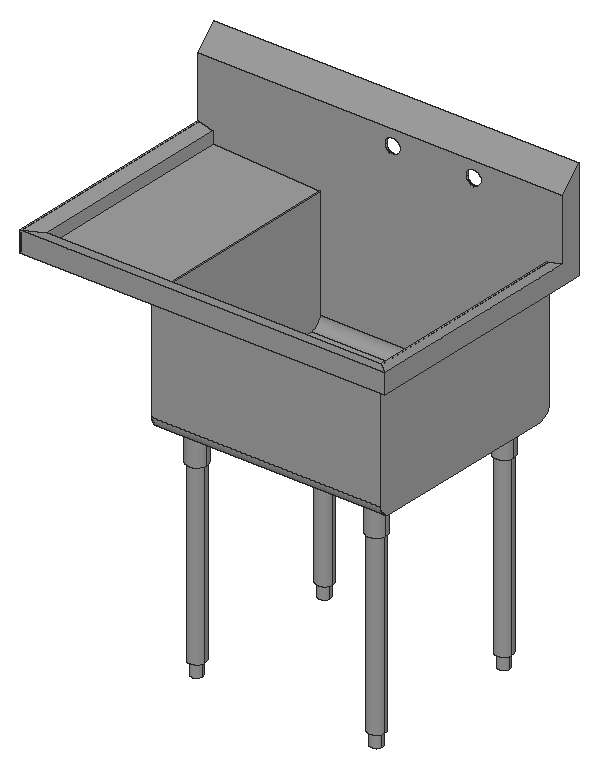
Revit family "equip-sink-elkay-Sturdibilt-S-DB-L", category Plumbing Fixtures, Revit 2019
Family settings
  Round Connector Dimension = Use Diameter
  Part Type = Normal
  Work Plane-Based = No
  Always vertical = Yes
  Cut with Voids When Loaded = No
  Shared = No
  Room Calculation Point = No
Parameters (values of type "ByType")
  Width = 2' - 0"
  URL = "http://www.elkayusa.com/cps/rde/xchg/elkay/hs.xsl/Default.aspx"
  Specification URL = "http://www.elkayusa.com/cps/rde/xbcr/elkay/04-02E_STURDIBILT_SCULLERY_SINGLE.pdf "
  Model Number = " "
  Model = "Sturdibilt"
  Manufacturer = "Elkay Manufacturer"
  Length = 3' - 0"
  Hidden Width = if(Compartment Width > 0' 11", Width, (Backsplash Width + Sink Rim Front Width + Compartment Width))  # 2' - 0"
  Sink Material = Metal - Steel - Stainless - Chrome
  Hidden Drainboard Left = if(Drainboard Left > 0' 2", Drainboard Left, 0' 2")  # 1' - 0"
  Hidden Compartment Length = Length - Drainboard Left  # 2' - 0"
  Drainboard Left = 1' - 0"
  Sink Rim Side Left Width = 0' - 1 1/2"  # constant formula
  Hidden Compartment Width = Width - Sink Rim Front Width - Backsplash Width  # 1' - 8 1/2"
  Description = "Sturdibilt Single Compartment Scullery Sinks, Left Drainboard"
  Compartment Length = if(Hidden Compartment Length > 0' 8 1/2", Hidden Compartment Length, 0' 8 1/2")  # 2' - 0"
  Hidden Length = if(Compartment Length > 0' 8 1/2", Length, (Drainboard Left + Compartment Length))  # 3' - 0"
  Sink Rim Side Right Width = 0' - 1 1/2"  # constant formula
  Sink Rim Front Width = 0' - 1 1/2"  # constant formula
  Backsplash Width = 0' - 2"  # constant formula
  Sink Drain Location = Compartment Width / 2  # 0' - 10 1/4"
  Compartment Depth = 1' - 2"
  Compartment Width = if(Hidden Compartment Width > 0' 11", Hidden Compartment Width, 0' 11")  # 1' - 8 1/2"
  Rim Height = 3' - 0"
  Hole 1 to 2 = 0' - 8"
  Hole 1 From CL = 0' - 4"
  Faucet CL from Top Backsplash = 0' - 3 1/2"
  Backsplash Height = 0' - 8"
Reference planes (in)
  plane 1 "CL Sink Hole": y = 0
  plane 2 "Bottom": z = 0
  plane 3 "Compartment Center": x = 0
  plane 4 "Basin Edge Left": x = -11.25
  plane 5 "Basin Edge Right": x = 11.25
  plane 6 "Basin Edge Back": y = 10.25
  plane 7 "Basin Edge Front": y = -10.25
  plane 8 "Left": x = -23.25
  plane 9 "Right": x = 12.75
  plane 10 "Back": y = 12.25
  plane 11 "Front": y = -11.75
  plane 12 "Sink Bowl Bottom (Top Face)": z = 22
  plane 13 "Sink Bowl Bottom (Bottom Face)": z = 21.875
  plane 14 "Sink Bottom Piece Back Edge": y = 9.25
  plane 15 "Sink Bottom Piece Front Edge": y = -9.25
  plane 16 "Center (Front/Back)": y = 0
  plane 17 "Sink Rim Top": z = 36
  plane 18 "Sink Bowl Bottom Radius Top Tangent": z = 23
  plane 19 "Sink Rim Inside Lower Edge": z = 35.59808
  plane 20: z = 44
  plane 21 "Backsplash Angle": z = 42
  plane 22 "Backsplash Side Piece Front": y = 10.375
  plane 23 "Backsplash Side Piece Top": z = 43.82322
  plane 24 "Backsplash Side Piece Angle": z = 41.94822
  plane 25 "Backsplash Side Piece Bottom": z = 34
  plane 26 "Backsplash Side Right Piece Inside Edge": x = 12.6875
  plane 27 "Backsplash Side Left Piece Inside Edge": x = -23.1875
  plane 28 "Basin Edge Right Outside Face": x = 11.3125
  plane 29 "Basin Edge Left Outside Face": x = -11.3125
  plane 30 "Faucet Hole CL Elev": z = 40.5
  plane 31 "CL Faucet Hole Left": x = -4
  plane 32 "CL Faucet Hole Right": x = 4
  plane 33 "Leg Left CL": x = -8.875
  plane 34 "Leg Front CL": y = -7.875
  plane 35: z = 18.825
  plane 36: z = 1.3125
  plane 37 "Leg Right CL": x = 8.875
  plane 38 "Leg Back CL": y = 7.875
  plane 39 "Drainboard Lower Top Face": z = 34
  plane 40 "Drainboard Upper Top Face": z = 34.5
  plane 41: x = -21.75
  plane 42 "Center (Left/Right)": x = -5.25
  plane 43 "Basin Edge Back Outside": y = 10.375
  plane 44 "Basin Edge Front Outside": y = -10.375
Forms (in)
  Sweep 1, solid, material "Metal - Steel - Stainless - Chrome" <- "Sink Material"
    path origin (0, 0, 36) x (0, -1, 0) y (1, 0, 0)
      loop
        line (-10.25, 12.75) -> (11.75, 12.75) -> (11.75, -11.25)
    profile "profile-weldbilt-rim : profile-weldbilt-rim" origin (0.75, -11.75, 36) x (0, -1, 0) y (0, 0, 1)
      loop
        line (-1.5, -0.40192) -> (-1.41389, -0.45164) -> (-0.07031, -0.09163) -> (-0.07031, -1.94605) -> (-0.42259, -2.04044) -> (-0.42259, -2.11323) -> (0, -2) -> (0, 0) -> (-1.5, -0.40192)
  Extrusion 2, solid, material "Metal - Steel - Stainless - Chrome" <- "Sink Material"
    sketch origin (0, 0, 0) x (0, 1, 0) y (0, 0, 1)
      loop
        line (-10.375, 35.59808) -> (-10.375, 23)
        arc (-10.375, 23) -> (-10.0455, 22.2045) -> (-9.25, 21.875) r 1.125
        line (-9.25, 21.875) -> (9.25, 21.875)
        arc (9.25, 21.875) -> (10.0455, 22.2045) -> (10.375, 23) r 1.125
        line (10.375, 23) -> (10.375, 34) -> (10.25, 34) -> (10.25, 23)
        arc (10.25, 23) -> (9.95711, 22.29289) -> (9.25, 22) r 1
        line (9.25, 22) -> (-9.25, 22)
        arc (-9.25, 22) -> (-9.95711, 22.29289) -> (-10.25, 23) r 1
        line (-10.25, 23) -> (-10.25, 35.59808) -> (-10.375, 35.59808)
    from -11.25 to 11.25
  Extrusion 3, solid, material "Metal - Steel - Stainless - Chrome" <- "Sink Material"
    sketch origin (0, 0, 0) x (0, 1, 0) y (0, 0, 1)
      loop
        line (10.25, 42) -> (10.25, 34) -> (10.375, 34) -> (10.375, 41.94822) -> (12.25, 43.82322) -> (12.25, 44) -> (10.25, 42)
    from -23.25 to 12.75
  Extrusion 4, solid, material "Metal - Steel - Stainless - Chrome" <- "Sink Material"
    sketch origin (12.75, 0, 0) x (0, 1, 0) y (0, 0, 1)
      loop
        line (12.25, 43.82322) -> (10.375, 41.94822) -> (10.375, 34) -> (12.25, 34) -> (12.25, 43.82322)
    from -0.0625 to 0
  Extrusion 5, solid, material "Metal - Steel - Stainless - Chrome" <- "Sink Material"
    sketch origin (-18, 0, 0) x (0, 1, 0) y (0, 0, 1)
      loop
        line (12.25, 43.82322) -> (10.375, 41.94822) -> (10.375, 34) -> (12.25, 34) -> (12.25, 43.82322)
    from -5.25 to -5.1875
  Extrusion 6, solid, material "Metal - Steel - Stainless - Chrome" <- "Sink Material"
    sketch origin (11.25, 0, 0) x (0, 1, 0) y (0, 0, 1)
      loop
        line (-10.375, 35.59808) -> (-10.375, 23)
        arc (-10.375, 23) -> (-10.0455, 22.2045) -> (-9.25, 21.875) r 1.125
        line (-9.25, 21.875) -> (9.25, 21.875)
        arc (9.25, 21.875) -> (10.0455, 22.2045) -> (10.375, 23) r 1.125
        line (10.375, 23) -> (10.375, 35.59808) -> (-10.375, 35.59808)
    from 0 to 0.0625
  Extrusion 7, solid, material "Metal - Steel - Stainless - Chrome" <- "Sink Material"
    sketch origin (-11.25, 0, 0) x (0, 1, 0) y (0, 0, 1)
      loop
        line (10.375, 34) -> (-10.375, 34) -> (-10.375, 23)
        arc (-10.375, 23) -> (-10.0455, 22.2045) -> (-9.25, 21.875) r 1.125
        line (-9.25, 21.875) -> (9.25, 21.875)
        arc (9.25, 21.875) -> (10.0455, 22.2045) -> (10.375, 23) r 1.125
        line (10.375, 23) -> (10.375, 34)
    from -0.0625 to 0
  Extrusion 8, void
    sketch origin (0, 0, 0) x (1, 0, 0) y (0, 0, 1)
      loop
        circle (-4, 40.5) r 0.75
    from -10.375 to -10.25
  Extrusion 9, void
    sketch origin (0, 0, 0) x (1, 0, 0) y (0, 0, 1)
      loop
        circle (4, 40.5) r 0.75
    from -10.375 to -10.25
  Extrusion 10, void
    sketch origin (-45.27944, 78.60934, 0) x (1, 0, 0) y (0, 1, 0)
      loop
        circle (45.27944, -78.60934) r 2.375
    from 21.875 to 22
  Revolve 11, solid, material "Metal - Steel - Stainless - Chrome" <- "Sink Material"
    sketch origin (0, -7.875, 0) x (-1, 0, 0) y (0, 0, 1)
      loop
        line (9.6875, 18.825) -> (9.845, 18.825) -> (9.845, 21.875) -> (8.875, 21.875) -> (8.875, 0) -> (9.4375, 0) -> (9.4375, 1.3125) -> (9.6875, 1.3125) -> (9.6875, 18.825)
      axis (8.875, 21.875) -> (8.875, 0)
    angle from 0 to 360
  Revolve 12, solid, material "Metal - Steel - Stainless - Chrome" <- "Sink Material"
    sketch origin (0, -7.875, 0) x (-1, 0, 0) y (0, 0, 1)
      loop
        line (-9.6875, 18.825) -> (-9.6875, 1.3125) -> (-9.4375, 1.3125) -> (-9.4375, 0) -> (-8.875, 0) -> (-8.875, 21.875) -> (-9.845, 21.875) -> (-9.845, 18.825) -> (-9.6875, 18.825)
      axis (-8.875, 21.875) -> (-8.875, 0)
    angle from 0 to 360
  Revolve 13, solid, material "Metal - Steel - Stainless - Chrome" <- "Sink Material"
    sketch origin (0, 7.875, 0) x (-1, 0, 0) y (0, 0, 1)
      loop
        line (-9.6875, 18.825) -> (-9.6875, 1.3125) -> (-9.4375, 1.3125) -> (-9.4375, 0) -> (-8.875, 0) -> (-8.875, 21.875) -> (-9.845, 21.875) -> (-9.845, 18.825) -> (-9.6875, 18.825)
      axis (-8.875, 21.875) -> (-8.875, 0)
    angle from 0 to 360
  Revolve 14, solid, material "Metal - Steel - Stainless - Chrome" <- "Sink Material"
    sketch origin (0, 7.875, 0) x (-1, 0, 0) y (0, 0, 1)
      loop
        line (8.0625, 18.825) -> (8.0625, 1.3125) -> (8.3125, 1.3125) -> (8.3125, 0) -> (8.875, 0) -> (8.875, 21.875) -> (7.905, 21.875) -> (7.905, 18.825) -> (8.0625, 18.825)
      axis (8.875, 21.875) -> (8.875, 0)
    angle from 0 to 360
  Sweep 15, solid, material "Metal - Steel - Stainless - Chrome" <- "Sink Material"
    path origin (0, 0, 22) x (-1, 0, 0) y (0, -1, 0)
      loop
        circle (0, 0) r 2.375
    profile "profile-elkay-sink-hole-1 : profile-elkay-sink-hole-1" origin (0, -2.375, 22) x (0, 1, 0) y (0, 0, 1)
      loop
        arc (0.10775, -0.05529) -> (0.06053, -0.01467) -> (0, 0) r 0.133
        line (0, 0) -> (0, -0.07422)
        arc (0, -0.07422) -> (0.0267, -0.08072) -> (0.04752, -0.09865) r 0.05878
        line (0.04752, -0.09865) -> (0.12152, -0.20143) -> (0.5715, -0.40832) -> (0.5715, -0.32577) -> (0.16939, -0.14089) -> (0.10775, -0.05529)
  Extrusion 16, solid, material "Metal - Steel - Stainless - Chrome" <- "Sink Material"
    sketch origin (0, 0, 0) x (1, 0, 0) y (0, 0, 1)
      loop
        line (-21.75, 34.5) -> (-21.75, 34.4257) -> (-11.25, 33.9257) -> (-11.25, 34) -> (-21.75, 34.5)
    from -10.25 to 10.25
  Sweep 17, solid, material "Metal - Steel - Stainless - Chrome" <- "Sink Material"
    path origin (0, 0, 36) x (0, -1, 0) y (1, 0, 0)
      loop
        line (-10.25, -23.25) -> (11.75, -23.25) -> (11.75, -11.25)
    profile "profile-weldbilt-rim-db : profile-weldbilt-rim-db" origin (-23.25, -0.75, 36) x (1, 0, 0) y (0, 0, 1)
      loop
        line (1.5, -0.40192) -> (0, 0) -> (0, -2) -> (0.42259, -2.11323) -> (0.42259, -2.04044) -> (0.07031, -1.94605) -> (0.07031, -0.09163) -> (1.4375, -0.45797) -> (1.4375, -2) -> (1.5, -2) -> (1.5, -0.40192)
Cuts and joins
  Extrusion 10 cuts Extrusion 2
  Extrusion 8, Extrusion 9 cuts Extrusion 3
  Extrusion 10 cuts Extrusion 6
  joined: Sweep 1, Extrusion 2, Extrusion 3, Extrusion 4, Extrusion 5, Extrusion 6, Extrusion 7, Sweep 17
Lines and regions (in)
  Masking region 1
    outline origin (0, 0, 0) x (1, 0, 0) y (0, 1, 0)
      loop
        line (-23.25, 12.25) -> (-23.25, -11.75) -> (12.75, -11.75) -> (12.75, 12.25) -> (-23.25, 12.25)
  reference lines
    curve 1: arc (0, -9.25, 22) -> (0, -9.95711, 22.29289) -> (0, -10.25, 23) r 1
    curve 2: arc (0, 10.25, 23) -> (0, 9.95711, 22.29289) -> (0, 9.25, 22) r 1
    curve 3: line (-8.875, -7.875, 21.875) -> (-8.875, -7.875, 0)
    curve 4: line (8.875, -7.875, 22) -> (8.875, -7.875, 0)
    curve 5: line (8.875, 7.875, 21.875) -> (8.875, 7.875, 0)
    curve 6: line (-8.875, 7.875, 21.875) -> (-8.875, 7.875, 0)
    curve 15: line (-11.25, 0, 34) -> (-21.75, 0, 34.5)
    curve 16: line (-11.25165, 0, 33.92578) -> (-21.75165, 0, 34.42578)
    curve 18: arc (0, -9.25, 21.875) -> (0, -10.0455, 22.2045) -> (0, -10.375, 23) r 1.125
    curve 19: arc (0, 10.375, 23) -> (0, 10.0455, 22.2045) -> (0, 9.25, 21.875) r 1.125
  symbolic lines
    curve 7: line (-23.25, 10.25, 0) -> (12.75, 10.25, 0)
    curve 8: line (-11.25, -10.25, 0) -> (-11.25, 10.25, 0)
    curve 9: line (11.25, -10.25, 0) -> (-21.75, -10.25, 0)
    curve 10: line (11.25, 10.25, 0) -> (11.25, -10.25, 0)
    curve 11: circle (0, 0, 0) r 2.375 normal (0, 0, 1)
    curve 12: line (-21.75, -10.25, 0) -> (-23.25, -11.75, 0)
    curve 13: line (12.75, -11.75, 0) -> (11.25, -10.25, 0)
    curve 14: circle (0, 0, 0) r 1.75 normal (0, 0, 1)
    curve 17: line (-21.75, 10.25, 0) -> (-21.75, -10.25, 0)
Dimensions and locks (in)
  equal spacing: plane 4 "Basin Edge Left", plane 3 "Compartment Center", plane 5 "Basin Edge Right"
  "Hidden Drainboard Left": plane 8 "Left" to plane 4 "Basin Edge Left"
  "Sink Rim Side Right Width": plane 5 "Basin Edge Right" to plane 9 "Right"
  "Hidden Length": plane 8 "Left" to plane 9 "Right"
  "Sink Drain Location": plane 6 "Basin Edge Back" to plane 1 "CL Sink Hole"
  "Backsplash Width": plane 10 "Back" to plane 6 "Basin Edge Back"
  "Sink Rim Front Width": plane 7 "Basin Edge Front" to plane 11 "Front"
  "Hidden Width": plane 10 "Back" to plane 11 "Front"
  locked: plane 15 "Sink Bottom Piece Front Edge" to plane 7 "Basin Edge Front" at 1
  locked: plane 6 "Basin Edge Back" to plane 14 "Sink Bottom Piece Back Edge" at 1
  plane 6 "Basin Edge Back" to plane 7 "Basin Edge Front" = 1' - 8 1/2"
  equal spacing: plane 6 "Basin Edge Back", plane 16 "Center (Front/Back)", plane 7 "Basin Edge Front"
  "Compartment Depth": plane 17 "Sink Rim Top" to plane 12 "Sink Bowl Bottom (Top Face)"
  "Rim Height": plane 17 "Sink Rim Top" to plane 2 "Bottom"
  locked: plane 18 "Sink Bowl Bottom Radius Top Tangent" to plane 12 "Sink Bowl Bottom (Top Face)" at 1
  locked: plane 17 "Sink Rim Top" to plane 19 "Sink Rim Inside Lower Edge" at 0.40192
  "Backsplash Height": plane 20 to plane 17 "Sink Rim Top"
  locked: plane 20 to plane 21 "Backsplash Angle" at 2
  locked: plane 20 to plane 23 "Backsplash Side Piece Top" at 0.17678
  locked: plane 6 "Basin Edge Back" to plane 22 "Backsplash Side Piece Front" at 0.125
  locked: plane 21 "Backsplash Angle" to plane 24 "Backsplash Side Piece Angle" at 0.05178
  locked: plane 26 "Backsplash Side Right Piece Inside Edge" to plane 9 "Right" at 0.0625
  locked: plane 8 "Left" to plane 27 "Backsplash Side Left Piece Inside Edge" at 0.0625
  locked: plane 5 "Basin Edge Right" to plane 28 "Basin Edge Right Outside Face" at 0.0625
  plane 29 "Basin Edge Left Outside Face" to plane 4 "Basin Edge Left" = 0' - 0 1/16"
  locked: plane 17 "Sink Rim Top" to plane 25 "Backsplash Side Piece Bottom" at 2
  locked: plane 34 "Leg Front CL" to plane 7 "Basin Edge Front" at 2.375
  locked: plane 4 "Basin Edge Left" to plane 33 "Leg Left CL" at 2.375
  "Hole 1 From CL": plane 31 "CL Faucet Hole Left" to plane 3 "Compartment Center"
  "Hole 1 to 2": plane 31 "CL Faucet Hole Left" to plane 32 "CL Faucet Hole Right"
  locked: plane 12 "Sink Bowl Bottom (Top Face)" to plane 13 "Sink Bowl Bottom (Bottom Face)" at 0.125
  locked: plane 12 "Sink Bowl Bottom (Top Face)" to plane 35 at 3.175
  locked: plane 36 to plane 2 "Bottom" at 1.3125
  "Faucet CL from Top Backsplash": plane 20 to plane 30 "Faucet Hole CL Elev"
  locked: plane 37 "Leg Right CL" to plane 5 "Basin Edge Right" at 2.375
  locked: plane 6 "Basin Edge Back" to plane 38 "Leg Back CL" at 2.375
  locked: plane 17 "Sink Rim Top" to plane 40 "Drainboard Upper Top Face" at 1.5
  locked: plane 17 "Sink Rim Top" to plane 39 "Drainboard Lower Top Face" at 2
  "Sink Rim Side Left Width": plane 8 "Left" to plane 41
  equal spacing: plane 8 "Left", plane 42 "Center (Left/Right)", plane 9 "Right"
  locked: plane 6 "Basin Edge Back" to plane 43 "Basin Edge Back Outside" at 0.125
  locked: plane 44 "Basin Edge Front Outside" to plane 7 "Basin Edge Front" at 0.125
  locked: plane 10 "Back" to nested 1 at 1
  locked: nested 1 to plane 9 "Right" at 4
  aligned and locked: Extrusion 2 sketch curve to plane 6 "Basin Edge Back"
  aligned and locked: Extrusion 2 sketch curve to curve 2
  aligned and locked: Extrusion 2 sketch curve to curve 1
  aligned and locked: plane 5 "Basin Edge Right" to Extrusion 2
  aligned and locked: Extrusion 2 to plane 4 "Basin Edge Left"
  aligned and locked: Extrusion 2 sketch curve to plane 19 "Sink Rim Inside Lower Edge"
  aligned and locked: Extrusion 3 sketch curve to plane 10 "Back"
  aligned and locked: Extrusion 3 sketch curve to plane 6 "Basin Edge Back"
  aligned and locked: plane 9 "Right" to Extrusion 3
  aligned and locked: Extrusion 3 to plane 8 "Left"
  aligned and locked: plane 10 "Back" to Extrusion 4 sketch curve
  aligned and locked: Extrusion 4 sketch curve to plane 25 "Backsplash Side Piece Bottom"
  aligned and locked: Extrusion 4 sketch curve to plane 22 "Backsplash Side Piece Front"
  aligned and locked: Extrusion 4 to plane 26 "Backsplash Side Right Piece Inside Edge"
  aligned and locked: plane 9 "Right" to Extrusion 4
  aligned and locked: Extrusion 5 sketch curve to plane 10 "Back"
  aligned and locked: plane 22 "Backsplash Side Piece Front" to Extrusion 5 sketch curve
  aligned and locked: plane 25 "Backsplash Side Piece Bottom" to Extrusion 5 sketch curve
  aligned and locked: plane 27 "Backsplash Side Left Piece Inside Edge" to Extrusion 5
  aligned and locked: Extrusion 5 to plane 8 "Left"
  aligned and locked: Extrusion 6 to plane 5 "Basin Edge Right"
  aligned and locked: plane 28 "Basin Edge Right Outside Face" to Extrusion 6
  aligned and locked: Extrusion 7 to plane 29 "Basin Edge Left Outside Face"
  aligned and locked: plane 4 "Basin Edge Left" to Extrusion 7
  aligned and locked: plane 22 "Backsplash Side Piece Front" to Extrusion 9
  aligned and locked: Extrusion 9 to plane 6 "Basin Edge Back"
  aligned and locked: plane 22 "Backsplash Side Piece Front" to Extrusion 8
  aligned: Extrusion 8 to plane 14 "Sink Bottom Piece Back Edge"
  aligned and locked: Extrusion 8 to plane 6 "Basin Edge Back"
  aligned and locked: plane 12 "Sink Bowl Bottom (Top Face)" to Extrusion 10
  aligned and locked: Extrusion 10 to plane 13 "Sink Bowl Bottom (Bottom Face)"
  aligned and locked: Revolve 11 sketch curve to plane 13 "Sink Bowl Bottom (Bottom Face)"
  aligned and locked: Revolve 11 sketch curve to curve 3
  aligned and locked: curve 4 to plane 37 "Leg Right CL"
  aligned and locked: plane 12 "Sink Bowl Bottom (Top Face)" to curve 4
  aligned and locked: plane 2 "Bottom" to curve 4
  aligned and locked: Revolve 12 sketch curve to plane 36
  aligned and locked: Revolve 12 sketch curve to plane 35
  aligned and locked: plane 2 "Bottom" to Revolve 12 sketch curve  (x3)
  aligned and locked: plane 13 "Sink Bowl Bottom (Bottom Face)" to Revolve 12 sketch curve  (x2)
  aligned and locked: curve 4 to Revolve 12 sketch curve  (x2)
  aligned and locked: Revolve 13 sketch curve to plane 2 "Bottom"
  aligned and locked: plane 36 to Revolve 13 sketch curve
  aligned and locked: plane 35 to Revolve 13 sketch curve
  aligned and locked: Revolve 13 sketch curve to plane 13 "Sink Bowl Bottom (Bottom Face)"
  aligned and locked: plane 37 "Leg Right CL" to Revolve 13 sketch curve
  aligned and locked: Revolve 13 sketch curve to curve 5
  aligned and locked: Revolve 14 sketch curve to plane 2 "Bottom"
  aligned and locked: plane 36 to Revolve 14 sketch curve
  aligned and locked: plane 35 to Revolve 14 sketch curve
  aligned and locked: Revolve 14 sketch curve to plane 13 "Sink Bowl Bottom (Bottom Face)"
  aligned and locked: plane 33 "Leg Left CL" to Revolve 14 sketch curve
  aligned and locked: plane 2 "Bottom" to Revolve 14 sketch curve
  aligned and locked: Revolve 14 sketch curve to plane 33 "Leg Left CL"
  aligned and locked: Masking region 1 sketch curve to plane 10 "Back"
  aligned and locked: plane 8 "Left" to Masking region 1 sketch curve
  aligned and locked: Masking region 1 sketch curve to plane 9 "Right"
  aligned and locked: plane 11 "Front" to Masking region 1 sketch curve
  aligned and locked: plane 7 "Basin Edge Front" to curve 9
  aligned and locked: plane 4 "Basin Edge Left" to curve 8
  aligned and locked: curve 7 to plane 6 "Basin Edge Back"
  aligned and locked: plane 8 "Left" to curve 7
  aligned and locked: plane 9 "Right" to curve 7
  aligned and locked: Extrusion 2 sketch curve to plane 39 "Drainboard Lower Top Face"
  aligned and locked: Extrusion 3 sketch curve to plane 39 "Drainboard Lower Top Face"
  aligned and locked: Extrusion 7 sketch curve to plane 39 "Drainboard Lower Top Face"
  aligned and locked: plane 41 to Extrusion 16 sketch curve
  aligned and locked: Extrusion 16 sketch curve to plane 4 "Basin Edge Left"
  aligned and locked: Extrusion 16 sketch curve to curve 15
  aligned and locked: Extrusion 16 sketch curve to curve 16
  aligned and locked: plane 6 "Basin Edge Back" to Extrusion 16
  aligned and locked: Extrusion 16 to plane 7 "Basin Edge Front"
  aligned and locked: plane 4 "Basin Edge Left" to Sweep 1 sketch curve
  aligned and locked: Sweep 17 sketch curve to plane 11 "Front"
  aligned and locked: Sweep 17 sketch curve to plane 8 "Left"
  aligned and locked: plane 6 "Basin Edge Back" to Sweep 17 sketch curve
  aligned and locked: plane 4 "Basin Edge Left" to Sweep 17 sketch curve
  aligned and locked: Sweep 1 sketch curve to plane 9 "Right"
  aligned and locked: plane 11 "Front" to Sweep 1 sketch curve
  aligned and locked: plane 6 "Basin Edge Back" to Sweep 1 sketch curve
  aligned and locked: Extrusion 6 sketch curve to plane 19 "Sink Rim Inside Lower Edge"
  aligned and locked: Extrusion 7 sketch curve to plane 44 "Basin Edge Front Outside"
  aligned and locked: Extrusion 7 sketch curve to plane 43 "Basin Edge Back Outside"
  aligned and locked: Extrusion 7 sketch curve to curve 18
  aligned and locked: Extrusion 7 sketch curve to curve 19
  aligned and locked: Extrusion 6 sketch curve to plane 44 "Basin Edge Front Outside"
  aligned and locked: Extrusion 6 sketch curve to plane 43 "Basin Edge Back Outside"
  aligned and locked: Extrusion 6 sketch curve to curve 19
  aligned and locked: Extrusion 6 sketch curve to curve 18
Automatic sketch dimensions
  Extrusion 2 sketch curve to Extrusion 2 sketch curve = 0' - 0"  (x4)
  Extrusion 2 sketch curve to plane 22 "Backsplash Side Piece Front" = 0' - 0"
  Extrusion 3 sketch curve to plane 22 "Backsplash Side Piece Front" = 0' - 0"
  Extrusion 3 sketch curve to plane 24 "Backsplash Side Piece Angle" = 0' - 0"
  Extrusion 3 sketch curve to plane 21 "Backsplash Angle" = 0' - 0"
  Extrusion 3 sketch curve to plane 23 "Backsplash Side Piece Top" = 0' - 0"
  Extrusion 3 sketch curve to plane 20 = 0' - 0"
  Extrusion 4 sketch curve to plane 24 "Backsplash Side Piece Angle" = 0' - 0"
  Extrusion 4 sketch curve to plane 23 "Backsplash Side Piece Top" = 0' - 0"
  Extrusion 5 sketch curve to plane 24 "Backsplash Side Piece Angle" = 0' - 0"
  Extrusion 5 sketch curve to plane 23 "Backsplash Side Piece Top" = 0' - 0"
  Extrusion 8 sketch curve to plane 30 "Faucet Hole CL Elev" = 0' - 0"
  Extrusion 8 sketch curve to plane 31 "CL Faucet Hole Left" = 0' - 0"
  Extrusion 9 sketch curve to plane 30 "Faucet Hole CL Elev" = 0' - 0"
  Extrusion 9 sketch curve to plane 32 "CL Faucet Hole Right" = 0' - 0"
  Extrusion 10 sketch curve to plane 1 "CL Sink Hole" = 0' - 0"
  plane 3 "Compartment Center" to Extrusion 10 sketch curve = 0' - 0"
  curve 3 to level = 0' - 0"
  curve 3 to plane 33 "Leg Left CL" = 0' - 0"
  curve 3 to plane 13 "Sink Bowl Bottom (Bottom Face)" = 0' - 0"
  Revolve 11 sketch curve to plane 33 "Leg Left CL" = 0' - 0"
  Revolve 11 sketch curve to level = 0' - 0"  (x2)
  Revolve 11 sketch curve to plane 36 = 0' - 0"
  Revolve 11 sketch curve to plane 35 = 0' - 0"
  Revolve 11 sketch curve to plane 13 "Sink Bowl Bottom (Bottom Face)" = 0' - 0"
  Revolve 11 sketch curve to Revolve 11 sketch curve = 0' - 0 9/16"
  Revolve 11 sketch curve to Revolve 11 sketch curve = 0' - 0 1/4"
  Revolve 11 sketch curve to Revolve 11 sketch curve = 0' - 0.1575"
  plane 37 "Leg Right CL" to Revolve 12 sketch curve = 0' - 0 9/16"
  plane 37 "Leg Right CL" to Revolve 12 sketch curve = 0' - 0 13/16"
  Revolve 12 sketch curve to Revolve 12 sketch curve = 0' - 0.1575"
  curve 5 to level = 0' - 0"
  curve 5 to plane 37 "Leg Right CL" = 0' - 0"
  curve 5 to plane 13 "Sink Bowl Bottom (Bottom Face)" = 0' - 0"
  Revolve 13 sketch curve to level = 0' - 0"
  Revolve 13 sketch curve to plane 13 "Sink Bowl Bottom (Bottom Face)" = 0' - 0"
  plane 37 "Leg Right CL" to Revolve 13 sketch curve = 0' - 0 9/16"
  Revolve 13 sketch curve to Revolve 13 sketch curve = 0' - 0 1/4"
  Revolve 13 sketch curve to Revolve 13 sketch curve = 0' - 0.97"
  Revolve 14 sketch curve to plane 13 "Sink Bowl Bottom (Bottom Face)" = 0' - 0"
  plane 33 "Leg Left CL" to Revolve 14 sketch curve = 0' - 0 9/16"
  Revolve 14 sketch curve to Revolve 14 sketch curve = 0' - 0 1/4"
  Revolve 14 sketch curve to Revolve 14 sketch curve = 0' - 0.97"
  curve 6 to level = 0' - 0"
  curve 6 to plane 33 "Leg Left CL" = 0' - 0"
  curve 6 to plane 13 "Sink Bowl Bottom (Bottom Face)" = 0' - 0"
  plane 1 "CL Sink Hole" to Sweep 15 sketch curve = 0' - 0"
  Sweep 15 sketch curve to plane 3 "Compartment Center" = 0' - 0"
  curve 15 to plane 4 "Basin Edge Left" = 0' - 0"
  curve 15 to plane 40 "Drainboard Upper Top Face" = 0' - 0"
  curve 15 to plane 41 = 0' - 0"
  curve 15 to plane 25 "Backsplash Side Piece Bottom" = 0' - 0"
  curve 16 to plane 4 "Basin Edge Left" = 0' - 0.00165"
  curve 16 to plane 41 = 0' - 0.00165"
  curve 11 to curve 14 = 0' - 0"  (x2)
  curve 12 to plane 8 "Left" = 0' - 0"
  curve 17 to plane 41 = 0' - 0"
  plane 1 "CL Sink Hole" to curve 14 = 0' - 0"
  curve 14 to plane 3 "Compartment Center" = 0' - 0"
  curve 10 to plane 5 "Basin Edge Right" = 0' - 0"
  curve 13 to plane 9 "Right" = 0' - 0"
  curve 13 to plane 11 "Front" = 0' - 0"
  curve 12 to plane 11 "Front" = 0' - 0"
  curve 9 to plane 26 "Backsplash Side Right Piece Inside Edge" = 0' - 1 7/16"
  curve 1 to curve 18 = 0' - 0"  (x2)
  curve 2 to curve 19 = 0' - 0"  (x2)
  curve 18 to plane 18 "Sink Bowl Bottom Radius Top Tangent" = 0' - 0"
  curve 18 to plane 44 "Basin Edge Front Outside" = 0' - 0"
  curve 1 to plane 7 "Basin Edge Front" = 0' - 0"
  curve 1 to plane 12 "Sink Bowl Bottom (Top Face)" = 0' - 0"
  curve 19 to plane 13 "Sink Bowl Bottom (Bottom Face)" = 0' - 0"
  curve 19 to plane 14 "Sink Bottom Piece Back Edge" = 0' - 0"
  curve 2 to plane 6 "Basin Edge Back" = 0' - 0"
  curve 19 to plane 18 "Sink Bowl Bottom Radius Top Tangent" = 0' - 0"
  curve 16 to plane 25 "Backsplash Side Piece Bottom" = 0' - 0 19/256"
  curve 16 to plane 40 "Drainboard Upper Top Face" = 0' - 0 19/256"
  radius of Extrusion 8 sketch curve = 0' - 0 3/4"
  radius of Extrusion 9 sketch curve = 0' - 0 3/4"
  radius of Extrusion 10 sketch curve = 0' - 2 3/8"
  radius of Sweep 15 sketch curve = 0' - 2 3/8"
  radius of curve 11 = 0' - 2 3/8"
  radius of curve 14 = 0' - 1 3/4"
Nested families (in)
  nested 1: "logo-elkay-detail" at (8.75, 11.25, 0), type "logo-elkay-detail"
Definition of nested family "logo-elkay-detail"
  Reference planes (in)
    plane 1 "Center (Front/Back)": y = 0
    plane 2: z = 0
    plane 3 "Center (Left/Right)": x = 0
  Lines and regions (in)
    detail lines, in view "Ref. Level"
      curve 1: line (-1.81545, 0.37736, 0) -> (-2.86608, 0.37736, 0)
      curve 2: line (-2.86608, 0.37736, 0) -> (-2.99916, -0.37736, 0)
      curve 3: line (-2.99916, -0.37736, 0) -> (-1.89769, -0.37736, 0)
      curve 4: line (-1.89769, -0.37736, 0) -> (-1.87836, -0.26772, 0)
      curve 5: line (-1.87836, -0.26772, 0) -> (-2.75664, -0.26772, 0)
      curve 6: line (-2.75664, -0.26772, 0) -> (-2.71915, -0.05507, 0)
      curve 7: line (-2.71915, -0.05507, 0) -> (-1.94254, -0.05507, 0)
      curve 8: line (-1.94254, -0.05507, 0) -> (-1.92312, 0.05507, 0)
      curve 9: line (-1.92312, 0.05507, 0) -> (-2.71407, 0.05507, 0)
      curve 10: line (-2.71407, 0.05507, 0) -> (-2.67657, 0.26772, 0)
      curve 11: line (-2.67657, 0.26772, 0) -> (-1.83479, 0.26772, 0)
      curve 12: line (-1.83479, 0.26772, 0) -> (-1.81545, 0.37736, 0)
      curve 13: line (-1.55864, -0.26772, 0) -> (-1.44489, 0.37736, 0)
      curve 14: line (-1.44489, 0.37736, 0) -> (-1.65384, 0.37736, 0)
      curve 15: line (-1.65384, 0.37736, 0) -> (-1.78692, -0.37736, 0)
      curve 16: line (-1.78692, -0.37736, 0) -> (-0.81843, -0.37736, 0)
      curve 17: line (-0.81843, -0.37736, 0) -> (-0.7991, -0.26772, 0)
      curve 18: line (-0.7991, -0.26772, 0) -> (-1.55864, -0.26772, 0)
      curve 19: line (-0.70839, -0.37736, 0) -> (-0.57531, 0.37736, 0)
      curve 20: line (-0.57531, 0.37736, 0) -> (-0.36636, 0.37736, 0)
      curve 21: line (-0.36636, 0.37736, 0) -> (-0.44053, -0.04327, 0)
      curve 22: line (-0.44053, -0.04327, 0) -> (0.30095, 0.37736, 0)
      curve 23: line (0.30095, 0.37736, 0) -> (0.59826, 0.37736, 0)
      curve 24: line (0.59826, 0.37736, 0) -> (0.025, 0.05216, 0)
      curve 25: line (0.025, 0.05216, 0) -> (0.49251, -0.37736, 0)
      curve 26: line (0.49251, -0.37736, 0) -> (0.1672, -0.37736, 0)
      curve 27: line (0.1672, -0.37736, 0) -> (-0.17613, -0.06193, 0)
      curve 28: line (-0.17613, -0.06193, 0) -> (-0.47357, -0.23067, 0)
      curve 29: line (-0.47357, -0.23067, 0) -> (-0.49944, -0.37736, 0)
      curve 30: line (-0.49944, -0.37736, 0) -> (-0.70839, -0.37736, 0)
      curve 31: line (1.55597, -0.12503, 0) -> (1.3377, 0.32386, 0)
      curve 32: line (1.3377, 0.32386, 0) -> (0.94493, -0.12503, 0)
      curve 33: line (0.94493, -0.12503, 0) -> (1.55597, -0.12503, 0)
      curve 34: line (1.55608, 0.37736, 0) -> (1.92307, -0.37736, 0)
      curve 35: line (1.92307, -0.37736, 0) -> (1.67867, -0.37736, 0)
      curve 36: line (1.67867, -0.37736, 0) -> (1.60734, -0.23067, 0)
      curve 37: line (1.60734, -0.23067, 0) -> (0.8525, -0.23067, 0)
      curve 38: line (0.8525, -0.23067, 0) -> (0.72414, -0.37736, 0)
      curve 39: line (0.72414, -0.37736, 0) -> (0.52921, -0.37736, 0)
      curve 40: line (0.52921, -0.37736, 0) -> (1.1896, 0.37736, 0)
      curve 41: line (1.1896, 0.37736, 0) -> (1.55608, 0.37736, 0)
      curve 42: line (1.98079, 0.37736, 0) -> (2.29994, 0.03841, 0)
      curve 43: line (2.29994, 0.03841, 0) -> (2.75395, 0.37736, 0)
      curve 44: line (2.75395, 0.37736, 0) -> (2.99916, 0.37736, 0)
      curve 45: line (2.99916, 0.37736, 0) -> (2.38123, -0.08397, 0)
      curve 46: line (2.38123, -0.08397, 0) -> (2.3295, -0.37736, 0)
      curve 47: line (2.3295, -0.37736, 0) -> (2.10632, -0.37736, 0)
      curve 48: line (2.10632, -0.37736, 0) -> (2.15092, -0.12442, 0)
      curve 49: line (2.15092, -0.12442, 0) -> (1.67845, 0.37736, 0)
      curve 50: line (1.67845, 0.37736, 0) -> (1.98079, 0.37736, 0)
